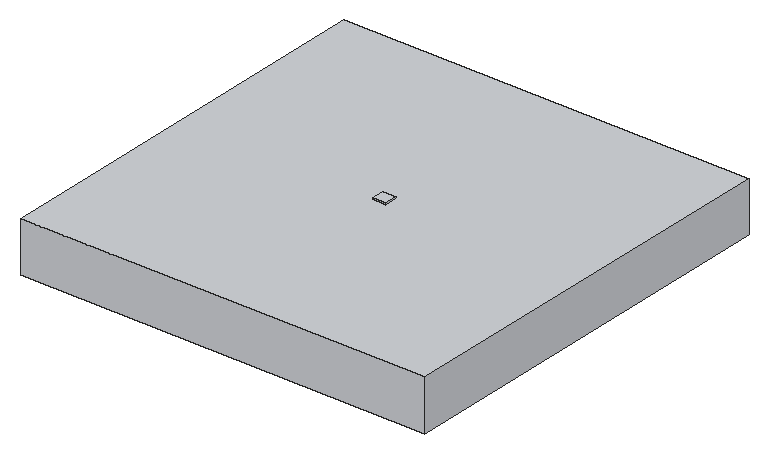
Revit family "XXX_FMI_BMA-Bedienfelder", category Brandmelder, Revit 2015
Parameters (values of type "Freischaltelement")
  Rechteck = yes
  Material = none
  Default Elevation = 0 mm
  Beschriftung = "FSE"
Types (3, lengths in mm): name | Beschriftung
  Freischaltelement | "FSE"
  Brandmeldezentrale | "BMZ"
  Abgesetztes Anzeigetableau | "BMA"
Reference planes
  plane 1 "Mitte (Vorne/Hinten)": y = 0
  plane 2: z = 0
  plane 3 "Mitte (Links/Rechts)": x = 0
  plane 4: z = 7
  plane 5: z = -65
  plane 6: x = -40
  plane 7: x = 40
  plane 8: y = 40
  plane 9: y = -40
Forms (mm)
  Extrusion 1, solid
    sketch origin (0, 0, 0) x (1, 0, 0) y (0, 1, 0)
      loop
        line (-1219.2, 1219.2) -> (-1219.2, -1219.2) -> (1219.2, -1219.2) -> (1219.2, 1219.2) -> (-1219.2, 1219.2)
    from 0 to -304.8
  Extrusion 2, solid, material <- "Material"
    sketch origin (0, 0, 0) x (1, 0, 0) y (0, 1, 0)
      loop
        line (-40, 40) -> (-40, -40) -> (40, -40) -> (40, 40) -> (-40, 40)
    from 0 to 7
Lines and regions (mm)
  symbolic lines, detail levels fine
    curve 1: line (-40, 0, 7) -> (40, 0, 7)
    curve 2: line (-40, 0, 0) -> (-40, 0, 7)
    curve 3: line (40, 0, 0) -> (-40, 0, 0)
    curve 4: line (40, 0, 7) -> (40, 0, 0)
    curve 5: line (-35, 0, -65) -> (-35, 0, 0)
    curve 6: line (35, 0, -65) -> (-35, 0, -65)
    curve 7: line (35, 0, 0) -> (35, 0, -65)
Dimensions and locks
  locked: plane 4 to plane 2 at 7
  plane 2 to plane 5 = 65 mm
  equal spacing: plane 6, plane 3 "Mitte (Links/Rechts)", plane 7
  plane 6 to plane 7 = 80 mm
  equal spacing: plane 8, plane 1 "Mitte (Vorne/Hinten)", plane 9
  plane 8 to plane 9 = 80 mm
  aligned and locked: plane 2 to Extrusion 1
  aligned and locked: level to Extrusion 1
  aligned and locked: Extrusion 2 sketch curve to plane 8
  aligned and locked: plane 6 to Extrusion 2 sketch curve
  aligned and locked: plane 9 to Extrusion 2 sketch curve
  aligned and locked: Extrusion 2 sketch curve to plane 7
  aligned and locked: Extrusion 2 to plane 2
  aligned and locked: plane 4 to Extrusion 2
  aligned and locked: plane 2 to curve 3
  aligned and locked: curve 1 to plane 4
  aligned and locked: curve 4 to plane 7
  aligned and locked: plane 6 to curve 2
  aligned and locked: plane 2 to curve 7
  aligned and locked: plane 5 to curve 6
Automatic sketch dimensions
  Extrusion 1 sketch curve to Extrusion 1 sketch curve = 2438.4 mm  (x2)
  plane 6 to curve 5 = 5 mm
  curve 7 to plane 7 = 5 mm
Nested families
  nested 1: "BMA Rechteck Beschriftung" at (-0.201, 0, 0), visible <- "Rechteck", type "RJ45-Datendose Beschriftung"
Connectors
  electrical at (0, 0, 0)
    settings: index 1, voltage 0 V, apparent load 0 VA, apparent load phase1 0 VA, apparent load phase2 0 VA, apparent load phase3 0 VA, power factor 1, load classification "Sonstige", number of poles 1, system type 11, power factor state 1, is connector primary yes, connector utility yes, sub classification motor no, connector description ""
Definition of nested family "BMA Rechteck Beschriftung"
  Parameters
    Beschriftung = "RAZ"
  Reference planes
    plane 1: y = 0
    plane 2: x = 0
  Lines and regions (mm)
    detail lines
      curve 1: line (-3.5, -2, 0) -> (3.5, -2, 0)
      curve 2: line (-3.5, 2, 0) -> (-3.5, -2, 0)
      curve 3: line (3.5, 2, 0) -> (-3.5, 2, 0)
      curve 4: line (3.5, -2, 0) -> (3.5, 2, 0)
  Text (mm)
    label "XX" at (0.01, 0, 0), shows "Beschriftung"
